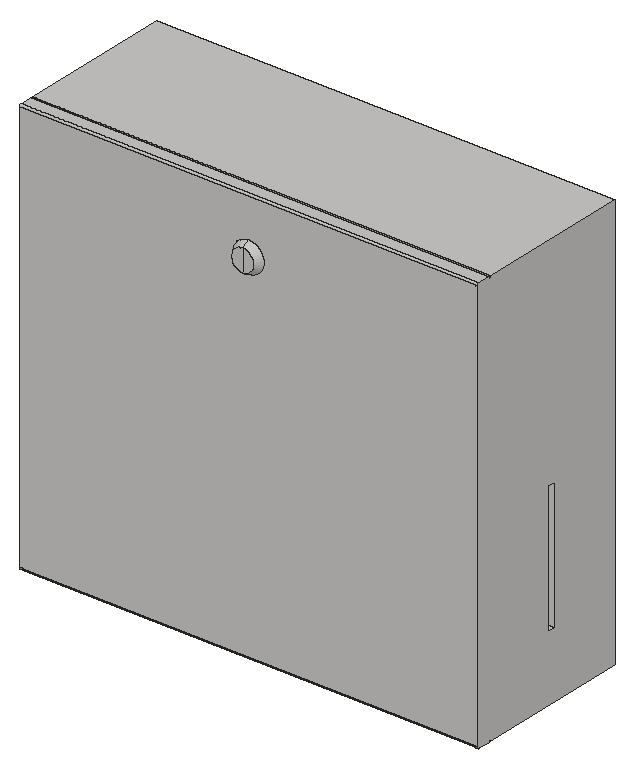
Revit family
Parameters (values of type "RODX601")
  URL = "http://www.frankekindred.com/"
  Revised Date = "27/08/2012"
  Product URL = "http://www.franke.com/washroomsystems/main/en/home/our_products/allproducts/all/201/201-114/ag-rodx601/rodx601_detail.html"
  Phone # = "416-250-5656"
  Model = "RODX601"
  Material = Stainless Steel
  Manufacturer = "Franke"
  Designed By = "ATS BIM Team"
  Description = "Franke Commercial ‘RODAN’ #RODX601 Combination Paper Towel / Soap Dispenser, 12-3/4” H x 14” W x 5-1/4” D (325mm x 358mm x\r\n134mm), wall mounted, manufactured from 22 gauge (0.8mm), grade 18-10 type 304 stainless steel with satin surface finish, inspection\r\nwindows on sides, includes 27 oz. (800mL) container for liquid soap, pull lever handle, standard Franke keyed cylinder lock and mounting\r\nhardware. Uses 300-400 paper towels depending on type and fold. Provide adequate backing in wall for support and comply to local codes for\r\nbarrier-free requirements."
  Default Elevation = 0' - 0"
Reference planes (in)
  plane 1 "Center (Front/Back)": y = 0
  plane 2: z = 0
  plane 3 "Center (Left/Right)": x = 0
  plane 4: y = -5.25
  plane 5: z = 12.75
  plane 6: z = -0.8
  plane 7: x = 4.8
Forms (in)
  Revolve 1, solid, material "Stainless Steel" <- "Material"
    sketch origin (0, 0, 0.15625) x (0, 1, 0) y (0, 0, 1)
      loop
        line (-5.46812, 11.21453) -> (-5.46812, 10.87234) -> (-5.25, 10.87234) -> (-5.25, 11.34046) -> (-5.46812, 11.21453)
      axis (-5.46812, 10.87234) -> (-5.25, 10.87234)
    angle from 0 to 360
  Extrusion 2, solid, material "Stainless Steel" <- "Material"
    sketch origin (-7, 0, 0) x (0, 1, 0) y (0, 0, 1)
      loop
        line (-4.75, 12.75) -> (-4.75, 0) -> (0, 0) -> (0, 12.75) -> (-4.75, 12.75)
    from 0 to 14
  Extrusion 3, solid, material "Stainless Steel" <- "Material"
    sketch origin (-7, 0, 0) x (0, 1, 0) y (0, 0, 1)
      loop
        line (-4.75, 0.04829) -> (-4.75, 12.70171) -> (-4.82733, 12.70171) -> (-4.82733, 12.75) -> (-5.1875, 12.75)
        arc (-5.1875, 12.75) -> (-5.23169, 12.73169) -> (-5.25, 12.6875) r 0.0625
        line (-5.25, 12.6875) -> (-5.25, 0.0625)
        arc (-5.25, 0.0625) -> (-5.23169, 0.01831) -> (-5.1875, 0) r 0.0625
        line (-5.1875, 0) -> (-4.82733, 0) -> (-4.82733, 0.04829) -> (-4.75, 0.04829)
    from 0 to 14
  Extrusion 4, void
    sketch origin (-7, 0, 0) x (0, 1, 0) y (0, 0, 1)
      loop
        line (-2.29434, 6.0388) -> (-2.54434, 6.0388) -> (-2.54434, 2.0388) -> (-2.29434, 2.0388) -> (-2.29434, 6.0388)
    from 0 to 14
  Extrusion 5, void
    sketch origin (-7, 0, 0) x (1, 0, 0) y (0, 0, 1)
      loop
        line (13.625, 0.375) -> (13.625, 12.375) -> (0.375, 12.375) -> (0.375, 0.375) -> (13.625, 0.375)
    from 0.1739 to 4.75
  Extrusion 6, solid, material "Stainless Steel" <- "Material"
    sketch origin (4.4, 0, 0) x (0, 1, 0) y (0, 0, 1)
      loop
        line (-1.25, 0) -> (-1.37607, 0)
        arc (-1.37607, 0) -> (-1.33933, -0.42567) -> (-1.13335, -0.8) r 1.03222
        line (-1.13335, -0.8) -> (-0.95882, -0.8)
        arc (-0.95882, -0.8) -> (-1.20408, -0.43628) -> (-1.25, 0) r 0.90722
    from 0 to 0.8
Cuts and joins
  Extrusion 4, Extrusion 5 cuts Extrusion 2
  Extrusion 5 cuts Extrusion 3
  joined: Revolve 1, Extrusion 2, Extrusion 3, Extrusion 6
Lines and regions (in)
  model lines
    curve 1: line (-7, -4.75, 12.70171) -> (-7, -4.75, 0.04829)
    curve 2: line (-7, -4.82733, 12.70171) -> (-7, -4.82733, 0.04829)
    curve 3: line (7, -4.75, 12.70171) -> (7, -4.75, 0.04829)
    curve 4: line (7, -4.82733, 12.70171) -> (7, -4.82733, 0.04829)
Dimensions and locks (in)
  cut or joined group of Revolve 1, Extrusion 2, Extrusion 3, Extrusion 4, Extrusion 5, Extrusion 6 to cut or joined group of Revolve 1, Extrusion 2, Extrusion 3, Extrusion 4, Extrusion 5, Extrusion 6 = 1' - 2"
  plane 5 to level = 1' - 0 3/4"
  plane 1 "Center (Front/Back)" to plane 4 = 0' - 5 1/4"
